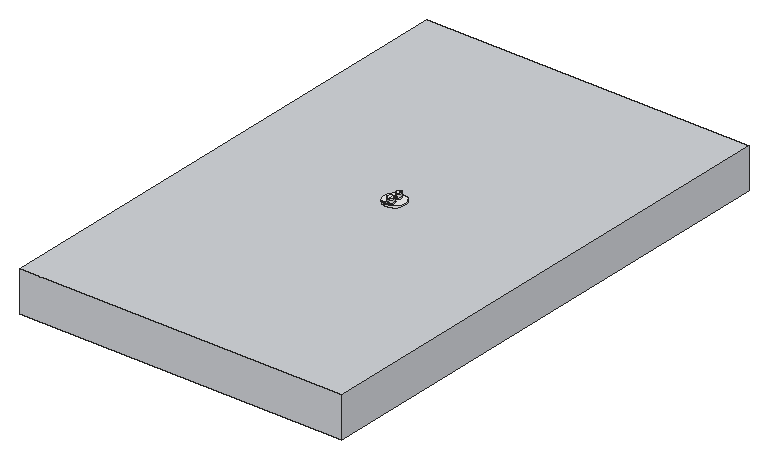
Revit family "Thermostatic_Trim-Grohe-Atrio_New-24150XXX_Series", category Plumbing Fixtures, host Face, Revit 2019
Family settings
  Host = Face
  Round Connector Dimension = Use Diameter
  Part Type = Normal
  OmniClass Number = 23.45.05.14.17
  OmniClass Title = Showers
  Cut with Voids When Loaded = No
  Shared = Yes
  Room Calculation Point = No
Parameters (values of type "24150003")
  Width = 6 1/4"  # constant formula
  Waste Connection = no
  Warranty Information = "Limited Lifetime Warranty"  # constant formula
  Warranty Documentation Link = "https://cdn.cloud.grohe.com/tpi/1000/1900/1940/1949/1949006/original/1949006.pdf"
  WFU = 0  # constant formula
  Vent Connection = no
  URL = "https://www.grohe.com"
  Type Comments = ""
  Product Page URL = "https://www.grohe.us/Thermostatic-Valves-Trims/Single-Function-2-Handle-Thermostatic-Valve-Trim/GROHE-CHROME-24150003"
  Product Documentation Link = "https://americanstandard.box.com/shared/static/r1z9ws6jkfp931kkx1u1z46nfnzfjyoq.pdf"
  Price = "Prices may vary. Please consult Manufacturer Representative for most up-to-date price list."  # constant formula
  Model = "24150003"
  Material = "Metal-Grohe-001-StarLight_Chrome"
  Manufacturer = "Grohe"  # constant formula
  Length = 1 11/16"  # constant formula
  Installation Type = "Wall Mounted"  # constant formula
  IAPMO Compliance = "ASME A112.18.1/CSA B125.1"
  Height = 6 1/4"  # constant formula
  HWFU = 0  # constant formula
  HW Connection = no
  Finish = Metal-Grohe-001-StarLightChrome
  Description = "Atrio® New Single Function 2-Handle Thermostatic Valve Trim"  # constant formula
  Default Elevation = 40"  # constant formula
  Creation Date = "7/5/2021"  # constant formula
  CWFU = 0  # constant formula
  CW Connection = no
  CEC Compliant = yes
  Assembly Code = "D2010710"
Types (2): name | Product Page URL | Model | Material | Finish
  24150003 | "https://www.grohe.us/Thermostatic-Valves-Trims/Single-Function-2-Handle-Thermostatic-Valve-Trim/GROHE-CHROME-24150003" | "24150003" | "Metal-Grohe-001-StarLight_Chrome" | Metal-Grohe-001-StarLightChrome
  24150EN3 | "https://www.grohe.us/Thermostatic-Valves-Trims/Single-Function-2-Handle-Thermostatic-Valve-Trim/GROHE-BRUSHED-NICKEL-24150EN3" | "24150EN3" | "Metal-Grohe-EN3-Brushed Nickel" | Metal-Grohe-EN3-Brushed Nickel
Reference planes (in)
  plane 1 "Center (Front/Back)": y = 0
  plane 2: z = 0
  plane 3 "Center (Left/Right)": x = 0
  plane 4: y = -40
  plane 5: y = 3.125
  plane 6: y = -3.125
  plane 7: x = -3.125
  plane 8: x = 3.125
  plane 9: z = 1.6875
  plane 10: y = 2.11288
  plane 11: y = 1.42462
  plane 12: y = 0.73637
  plane 13: y = -0.5625
  plane 14: y = -1.49515
  plane 15: y = -2.42779
  plane 16: z = 0.375
Forms (in)
  Extrusion 1, solid
    sketch origin (0, 0, 0) x (1, 0, 0) y (0, 1, 0)
      loop
        line (-48, 72) -> (-48, -79.70833) -> (48, -79.70833) -> (48, 72) -> (-48, 72)
    from 0 to -12
  Extrusion 2, solid, material "Metal-Grohe-001-StarLightChrome" <- "Finish"
    sketch origin (0, 0, 0) x (1, 0, 0) y (0, 1, 0)
      loop
        spline (3.125, 0) -> (3.01852, 0.80881) -> (2.70633, 1.5625) -> (2.20971, 2.20971) -> (1.5625, 2.70633) -> (0.80881, 3.01852) -> (0, 3.125) -> (-0.80881, 3.01852) -> (-1.5625, 2.70633) -> (-2.20971, 2.20971) -> (-2.70633, 1.5625) -> (-3.01852, 0.80881) -> (-3.125, 0)
        spline (-3.125, 0) -> (-3.01852, -0.80881) -> (-2.70633, -1.5625) -> (-2.20971, -2.20971) -> (-1.5625, -2.70633) -> (-0.80881, -3.01852) -> (0, -3.125) -> (0.80881, -3.01852) -> (1.5625, -2.70633) -> (2.20971, -2.20971) -> (2.70633, -1.5625) -> (3.01852, -0.80881) -> (3.125, 0)
    from 0 to 0.375
  Revolve 3, solid, material "Metal-Grohe-001-StarLightChrome" <- "Finish"
    sketch origin (0, 0, -1.27344) x (0, 1, 0) y (0, 0, 1)
      loop
        line (-2.40717, 2.56703) -> (-2.40717, 2.73739) -> (-3.67096, 2.73739) -> (-3.67096, 2.56703) -> (-2.40717, 2.56703)
      axis (-2.40717, 2.56703) -> (-3.67096, 2.56703)
    angle from 0 to 360
  Extrusion 4, solid, material "Metal-Grohe-RED"
    sketch origin (1.75548, -2.26541, 0) x (1, 0, 0) y (0, 1, 0)
      loop
        arc (-2.71182, 1.31893) -> (-2.70658, 1.29526) -> (-2.68288, 1.30037) r 0.01719
        arc (-2.68288, 1.30037) -> (-2.39029, 1.60808) -> (-2.0065, 1.78973) r 1.15872
        arc (-2.0065, 1.78973) -> (-1.99448, 1.81021) -> (-2.01488, 1.82235) r 0.01684
        arc (-2.01488, 1.82235) -> (-2.41177, 1.63767) -> (-2.71182, 1.31893) r 1.15872
    from 0 to 0.37584
  Revolve 5, solid, material "Metal-Grohe-001-StarLightChrome" <- "Finish"
    sketch origin (0, 0, 0) x (0, 1, 0) y (0, 0, 1)
      loop
        line (1.42462, 0.375) -> (2.11288, 0.375) -> (2.11288, 0.6968) -> (2.05723, 0.6968) -> (2.02882, 0.72522) -> (2.09001, 0.72522) -> (2.11288, 0.74808) -> (2.11288, 1.52345) -> (2.05723, 1.52345) -> (2.02882, 1.55187) -> (2.09001, 1.55187) -> (2.11288, 1.57473) -> (2.11288, 1.6875) -> (1.42462, 1.6875) -> (1.42462, 0.375)
      axis (1.42462, 0.375) -> (1.42462, 1.6875)
    angle from 0 to 360
  Revolve 6, solid, material "Metal-Grohe-001-StarLightChrome" <- "Finish"
    sketch origin (0, 0, 0) x (0, 1, 0) y (0, 0, 1)
      loop
        line (2.07052, 1.32074) -> (2.59681, 1.32074) -> (2.59681, 1.47495) -> (2.07052, 1.47495) -> (2.07052, 1.32074)
      axis (2.59681, 1.32074) -> (2.07052, 1.32074)
    angle from 0 to 360
  Revolve 7, solid, material "Metal-Grohe-001-StarLightChrome" <- "Finish"
    sketch origin (0, 0, 1.18966) x (1, 0, 0) y (0, 1, 0)
      loop
        arc (-0.26177, -0.59999) -> (-0.13222, -0.57192) -> (0, -0.5625) r 0.93265
        line (0, -0.5625) -> (0, -0.52362)
        arc (0, -0.52362) -> (-0.13232, -0.53337) -> (-0.26177, -0.5625) r 0.89891
        arc (-0.26177, -0.5625) -> (-0.26791, -0.58124) -> (-0.26177, -0.59999) r 0.0317
      axis (0, -0.59999) -> (0, -0.52362)
    angle from 0 to 360
  Extrusion 8, solid, material "Metal-Grohe-Blue"
    sketch origin (-1.75548, -2.26541, 0) x (-1, 0, 0) y (0, -1, 0)
      loop
        arc (-2.71182, -1.31893) -> (-2.41177, -1.63767) -> (-2.01488, -1.82235) r 1.15872
        arc (-2.01488, -1.82235) -> (-1.99448, -1.81021) -> (-2.0065, -1.78973) r 0.01684
        arc (-2.0065, -1.78973) -> (-2.39029, -1.60808) -> (-2.68288, -1.30037) r 1.15872
        arc (-2.68288, -1.30037) -> (-2.70658, -1.29526) -> (-2.71182, -1.31893) r 0.01719
    from 0 to 0.37584
  Extrusion 9, solid, material "Metal-Grohe-001-StarLightChrome"
    sketch origin (0, 0, -1.31166) x (1, 0, 0) y (0, 1, 0)
      loop
        circle (-1.37367, 1.42462) r 0.04384
    from 1.68666 to 1.69391
  Revolve 10, solid, material "Metal-Grohe-001-StarLightChrome" <- "Finish"
    sketch origin (0, -2.91977, 0) x (0, 1, 0) y (0, 0, 1)
      loop
        line (1.42462, 0.375) -> (2.35727, 0.375) -> (2.35727, 0.6968) -> (2.30163, 0.6968) -> (2.27321, 0.72522) -> (2.33441, 0.72522) -> (2.35727, 0.74808) -> (2.35727, 1.52345) -> (2.30163, 1.52345) -> (2.27321, 1.55187) -> (2.33441, 1.55187) -> (2.35727, 1.57473) -> (2.35727, 1.6875) -> (1.42462, 1.6875) -> (1.42462, 0.375)
      axis (1.42462, 0.375) -> (1.42462, 1.6875)
    angle from 0 to 360
Cuts and joins
  joined: Extrusion 2, Revolve 3
Lines and regions (in)
  Masking region 1
    outline origin (0, 0, 0) x (1, 0, 0) y (0, 0, 1)
      loop
        line (3.12747, 0) -> (3.12747, 0.375) -> (0.93265, 0.375) -> (0.93265, 0.69681) -> (0.877, 0.69681) -> (0.84859, 0.72523) -> (0.90996, 0.72523) -> (0.93259, 0.74786) -> (0.93259, 1.52345) -> (0.87701, 1.52345) -> (0.84859, 1.55188) -> (0.90996, 1.55188) -> (0.93259, 1.57451) -> (0.93259, 1.6875) -> (-0.93259, 1.6875) -> (-0.93259, 1.57451) -> (-0.90996, 1.55188) -> (-0.84859, 1.55188) -> (-0.87701, 1.52345) -> (-0.93259, 1.52345) -> (-0.93259, 0.74786) -> (-0.90996, 0.72523) -> (-0.84859, 0.72523) -> (-0.877, 0.69681) -> (-0.93265, 0.69681) -> (-0.93265, 0.375) -> (-3.12524, 0.375) -> (-3.12524, 0) -> (3.12747, 0)
  symbolic lines, detail levels fine
    curve 1: line (0.93265, 0, 0.375) -> (-0.93265, 0, 0.375)
    curve 3: circle (0, 0, 1.32074) r 0.15421 normal (0, -1, 0)
    curve 5: line (0.63203, 0, 0.69681) -> (0.60363, 0, 0.72522)
    curve 13: line (0.68832, 0, 0.6968) -> (0.68832, 0, 0.375)
    curve 14: line (-0.68832, 0, 0.6968) -> (-0.68832, 0, 0.375)
    curve 15: line (0.68832, 0, 0.74786) -> (0.68832, 0, 1.52345)
    curve 16: line (-0.68832, 0, 0.74786) -> (-0.68832, 0, 1.52345)
    curve 17: line (0.66537, 0, 0.72522) -> (0.68801, 0, 0.74786)
    curve 18: line (-0.66537, 0, 0.72522) -> (-0.68801, 0, 0.74786)
    curve 19: line (-0.63204, 0, 0.6968) -> (-0.60363, 0, 0.72522)
  symbolic lines, detail levels medium+fine
    curve 2: line (0.93265, 0, 0.375) -> (-0.93265, 0, 0.375)
    curve 4: line (0.669, 0, 0.69681) -> (0.63203, 0, 0.69681)
    curve 6: line (0.90978, 0, 0.72522) -> (-0.84859, 0, 0.72522)
    curve 7: line (0.66539, 0, 1.55187) -> (0, 0, 1.55187)
    curve 8: line (0.87704, 0, 1.52345) -> (-0.87692, 0, 1.52345)
    curve 9: line (0.87261, 0, 0.6968) -> (-0.87739, 0, 0.6968)
    curve 10: line (0.93259, 0, 1.57451) -> (-0.93259, 0, 1.57451)
    curve 11: line (0.84859, 0, 1.55187) -> (-0.84859, 0, 1.55187)
    curve 12: line (0.93259, 0, 0.74786) -> (-0.93259, 0, 0.74786)
Dimensions and locks (in)
  plane 4 to plane 1 "Center (Front/Back)" = 40"
  "Width": plane 5 to plane 6
  "Width": plane 7 to plane 8
  plane 12 to plane 11 to plane 10 = 0.68825" locked, 0.68825" locked
  plane 13 to plane 14 to plane 15 = 0.93265" locked, 0.93265" locked
  locked: plane 16 to Extrusion 1 at 0.375
  equal spacing: plane 5, plane 1 "Center (Front/Back)", plane 6, locked at 3.125 each
  "Length": plane 9 to Extrusion 1
  aligned and locked: plane 2 to Extrusion 1
  aligned and locked: level to Extrusion 1
  aligned and locked: Extrusion 4 to Extrusion 1
  aligned and locked: plane 10 to Revolve 5 sketch curve
  aligned and locked: plane 9 to Revolve 5 sketch curve
  aligned and locked: Revolve 5 sketch curve to Revolve 5 sketch curve
  aligned and locked: cut or joined group of Extrusion 2, Revolve 3 to Revolve 5 sketch curve
  aligned and locked: Extrusion 9 to cut or joined group of Extrusion 2, Revolve 3
  aligned and locked: Revolve 10 sketch curve to Revolve 10 sketch curve
Automatic sketch dimensions
  Extrusion 1 sketch curve to Extrusion 1 sketch curve = 96"
  Extrusion 1 sketch curve to Extrusion 1 sketch curve = 151.70833"
  plane 1 "Center (Front/Back)" to Extrusion 2 sketch curve = 0"
  Extrusion 2 sketch curve to plane 3 "Center (Left/Right)" = 0"
  Extrusion 2 sketch curve to plane 8 = 0"
  Revolve 3 sketch curve to plane 6 = 0.54596"
  Revolve 3 sketch curve to plane 15 = 0.02062"
  Revolve 3 sketch curve to plane 9 = 0.39391"  (x2)
  Revolve 3 sketch curve to Revolve 3 sketch curve = 0.17037"
  Revolve 3 sketch curve to plane 1 "Center (Front/Back)" = 0.06744"
  Revolve 3 sketch curve to Revolve 3 sketch curve = 0.15205"
  Extrusion 4 sketch curve to plane 13 = 0.39318"
  Extrusion 4 sketch curve to plane 3 "Center (Left/Right)" = 0.94181"
  plane 13 to Extrusion 4 sketch curve = 0.10311"
  Extrusion 4 sketch curve to plane 3 "Center (Left/Right)" = 0.25531"
  plane 3 "Center (Left/Right)" to Extrusion 4 sketch curve = 0.0222"
  Extrusion 4 sketch curve to Extrusion 4 sketch curve = 0.0222"
  Extrusion 4 sketch curve to plane 14 = 0.07189"
  Extrusion 4 sketch curve to Extrusion 4 sketch curve = 0.02907"
  Extrusion 4 sketch curve to Extrusion 4 sketch curve = 0.01452"
  Extrusion 4 sketch curve to Extrusion 4 sketch curve = 0"  (x3)
  Revolve 5 sketch curve to plane 11 = 0"  (x2)
  Revolve 5 sketch curve to plane 10 = 0"  (x2)
  Revolve 5 sketch curve to plane 10 = 0.08406"  (x2)
  Revolve 5 sketch curve to Revolve 5 sketch curve = 0.02842"  (x4)
  Revolve 5 sketch curve to plane 10 = 0.02286"  (x2)
  Revolve 5 sketch curve to Revolve 5 sketch curve = 0.3218"
  Revolve 5 sketch curve to Revolve 5 sketch curve = 0.02286"  (x2)
  Revolve 5 sketch curve to plane 9 = 21/128"
  Revolve 5 sketch curve to Revolve 5 sketch curve = 0.30902"
  Revolve 6 sketch curve to plane 10 = 0.04236"
  plane 10 to Revolve 6 sketch curve = 0.48393"
  Revolve 6 sketch curve to plane 9 = 0.36676"
  Revolve 6 sketch curve to Revolve 6 sketch curve = 0.15421"
  Revolve 6 sketch curve to Revolve 6 sketch curve = 0"  (x2)
  plane 10 to Revolve 6 sketch curve = 0.20764"
  Revolve 7 sketch curve to plane 13 = 0"  (x2)
  Revolve 7 sketch curve to plane 3 "Center (Left/Right)" = 0"  (x2)
  Revolve 7 sketch curve to plane 14 = 0"
  Revolve 7 sketch curve to plane 3 "Center (Left/Right)" = 0.00024"
  Revolve 7 sketch curve to plane 13 = 0.01874"
  Revolve 7 sketch curve to plane 3 "Center (Left/Right)" = 0.23621"
  plane 14 to Revolve 7 sketch curve = 0.07262"
  plane 13 to Revolve 7 sketch curve = 0.03888"
  Revolve 7 sketch curve to Revolve 7 sketch curve = 0.02782"
  Revolve 7 sketch curve to Revolve 7 sketch curve = 0.07457"
  plane 13 to Extrusion 8 sketch curve = 0.39318"
  Extrusion 8 sketch curve to plane 3 "Center (Left/Right)" = 0.94181"
  Extrusion 8 sketch curve to plane 13 = 0.10311"
  Extrusion 8 sketch curve to plane 3 "Center (Left/Right)" = 0.25531"
  plane 3 "Center (Left/Right)" to Extrusion 8 sketch curve = 0.0222"
  Extrusion 8 sketch curve to Extrusion 8 sketch curve = 0.0222"
  plane 14 to Extrusion 8 sketch curve = 0.07189"
  Extrusion 8 sketch curve to Extrusion 8 sketch curve = 0.02907"
  Extrusion 8 sketch curve to Extrusion 8 sketch curve = 0.01452"
  Extrusion 8 sketch curve to Extrusion 8 sketch curve = 0"  (x3)
  Extrusion 9 sketch curve to plane 11 = 0"
  Extrusion 9 sketch curve to plane 3 "Center (Left/Right)" = 1.37367"
  Revolve 10 sketch curve to plane 14 = 0"  (x2)
  Revolve 10 sketch curve to plane 13 = 0"  (x3)
  Revolve 10 sketch curve to plane 16 = 0"
  Revolve 10 sketch curve to plane 9 = 0"
  Revolve 10 sketch curve to plane 13 = 0.08406"  (x2)
  Revolve 10 sketch curve to Revolve 10 sketch curve = 0.02842"  (x4)
  Revolve 10 sketch curve to plane 13 = 0.02286"  (x2)
  plane 16 to Revolve 10 sketch curve = 0.3218"
  Revolve 10 sketch curve to Revolve 10 sketch curve = 0.02286"  (x2)
  Revolve 10 sketch curve to plane 9 = 21/128"
  Revolve 10 sketch curve to Revolve 10 sketch curve = 0.30902"
  Masking region 1 sketch curve to level = 0"
  Masking region 1 sketch curve to plane 16 = 0"  (x2)
  Masking region 1 sketch curve to plane 9 = 0"
  plane 7 to Masking region 1 sketch curve = 0.00024"
  Masking region 1 sketch curve to plane 3 "Center (Left/Right)" = 0.93265"
  Masking region 1 sketch curve to plane 9 = 21/128"
  Masking region 1 sketch curve to Masking region 1 sketch curve = 0.00006"
  Masking region 1 sketch curve to Masking region 1 sketch curve = 0"  (x2)
  plane 16 to Masking region 1 sketch curve = 0.35023"  (x2)
  Masking region 1 sketch curve to Masking region 1 sketch curve = 0.02263"  (x8)
  Masking region 1 sketch curve to Masking region 1 sketch curve = 0.03294"
  plane 16 to Masking region 1 sketch curve = 0.32181"  (x2)
  Masking region 1 sketch curve to Masking region 1 sketch curve = 0.03295"  (x3)
  Masking region 1 sketch curve to Masking region 1 sketch curve = 0.02842"  (x2)
  Masking region 1 sketch curve to Masking region 1 sketch curve = 0.02843"  (x4)
  plane 3 "Center (Left/Right)" to Masking region 1 sketch curve = 0.84859"
  Masking region 1 sketch curve to plane 9 = 0.13562"
  Masking region 1 sketch curve to Masking region 1 sketch curve = 0.02269"
  Masking region 1 sketch curve to plane 8 = 0.00247"
  curve 1 to plane 16 = 0"
  curve 3 to plane 3 "Center (Left/Right)" = 0"
  curve 7 to plane 3 "Center (Left/Right)" = 0"
  plane 3 "Center (Left/Right)" to curve 4 = 0.63203"
  plane 16 to curve 4 = 0.32181"
  curve 3 to plane 9 = 0.36676"
  curve 19 to plane 3 "Center (Left/Right)" = 0.60363"
  curve 19 to curve 19 = 0.02842"
  curve 18 to curve 19 = 0.03333"
  curve 18 to curve 18 = 0.02264"
  curve 16 to plane 9 = 21/128"
  curve 16 to plane 3 "Center (Left/Right)" = 0.68832"
  curve 14 to curve 19 = 0.05627"
  curve 6 to curve 16 = 0.16027"
  curve 11 to curve 16 = 0.16027"
  curve 8 to curve 11 = 0.02833"
  curve 9 to curve 6 = 0.0288"
  curve 10 to curve 8 = 0.05567"
  curve 12 to curve 9 = 0.0552"
  curve 2 to curve 14 = 0.24433"
  curve 1 to curve 2 = 0"
  curve 5 to curve 4 = 0.02841"
  curve 4 to curve 17 = 0.03334"
  curve 7 to plane 9 = 0.13563"
  plane 3 "Center (Left/Right)" to curve 7 = 0.66539"
  curve 17 to curve 4 = 0.00363"
  curve 17 to curve 17 = 0.02264"
  curve 4 to curve 13 = 0.01931"
  curve 17 to curve 15 = 0.0003"
  curve 15 to curve 11 = 0.16027"
  curve 13 to curve 9 = 0.18429"
  curve 11 to curve 8 = 0.02845"
  curve 9 to curve 6 = 0.03717"
  curve 8 to curve 10 = 0.05555"
  curve 6 to curve 12 = 0.0228"
  curve 13 to curve 1 = 0.24433"
  curve 9 to curve 4 = 0"
  curve 14 to curve 18 = 0.02842"
  curve 17 to curve 15 = 0.02264"
  curve 8 to curve 11 = 0.02842"
  curve 8 to curve 10 = 0.05106"
  radius of Extrusion 9 sketch curve = 0.04384"
  radius of curve 3 = 0.15421"
